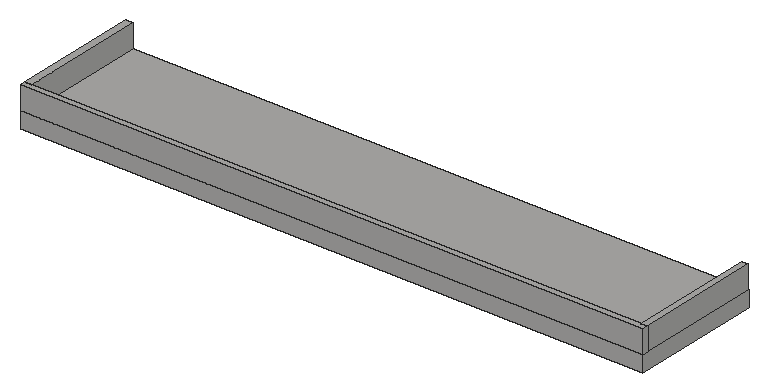
Revit family "Bancada_Lab_Seca_Lin", category Plumbing Fixtures, host Wall, Revit 2025
Family settings
  Host = Wall
  Round Connector Dimension = Use Diameter
  Part Type = Normal
  Enable Cutting in Views = No
  Always vertical = Yes
  Cut with Voids When Loaded = No
  Maintain Annotation Orientation = No
  Shared = No
  Room Calculation Point = Yes
Parameters (values of type "BAN_040x090_LIN_SEC_LAB")
  Material_Bancada [instance] = CT_Bancadas_Labs
  Description = "Descrição do tipo"
  Default Elevation = 0.000 m
  Coloca_Espelho_2 [instance] = yes
  Coloca_Espelho_1 [instance] = yes
  Bancada_Profundidade = 0.425 m
  Bancada_Frente [instance] = 2.000 m
  Bancada_Altura = 0.900 m
Types (4, lengths in m): name | Bancada_Profundidade
  BAN_040x090_LIN_SEC_LAB | 0.425
  BAN_050x090_LIN_SEC_LAB | 0.500
  BAN_060x090_LIN_SEC_LAB | 0.600
  BAN_080x090_LIN_SEC_LAB | 0.800
Reference planes (m)
  plane 1: y = 0
  plane 2 "Back": y = 0.05
  plane 3: z = 0.9
  plane 4: x = -1.082628
  plane 5: x = 0.917372
  plane 6: y = 0.475
  plane 7: z = 0.85
  plane 8: z = 0.975
  plane 9 "Centro_Bancada": x = -0.082628
Forms (m)
  Extrusion 1, solid, material "CT_Bancadas_Labs" <- "Material_Bancada"
    sketch origin (0, 0, 0) x (1, 0, 0) y (0, 1, 0)
      loop
        line (-1.082628, 0.475) -> (-1.082628, 0.05) -> (0.917372, 0.05) -> (0.917372, 0.475) -> (-1.082628, 0.475)
    from 0.85 to 0.9
  Extrusion 2, solid, material "CT_Bancadas_Labs" <- "Material_Bancada"
    sketch origin (0, 0, 0) x (1, 0, 0) y (0, 1, 0)
      loop
        line (-1.082628, 0.05) -> (0.917372, 0.05) -> (0.917372, 0.07) -> (-1.082628, 0.07) -> (-1.082628, 0.05)
    from 0.9 to 0.975
  Extrusion 3, solid, material "CT_Bancadas_Labs" <- "Material_Bancada", visible <- "Coloca_Espelho_2"
    sketch origin (-1.157628, 1.157628, 0) x (0, 1, 0) y (-1, 0, 0)
      loop
        line (-1.087628, -0.075) -> (-1.087628, -0.095) -> (-0.682628, -0.095) -> (-0.682628, -0.075) -> (-1.087628, -0.075)
    from 0.9 to 0.975
  Extrusion 4, solid, material "CT_Bancadas_Labs" <- "Material_Bancada", visible <- "Coloca_Espelho_1"
    sketch origin (0.992372, 1.157628, 0) x (0, 1, 0) y (-1, 0, 0)
      loop
        line (-1.087628, 0.075) -> (-0.682628, 0.075) -> (-0.682628, 0.095) -> (-1.087628, 0.095) -> (-1.087628, 0.075)
    from 0.9 to 0.975
Text (m)
  text "Frente" at (-1.787139, 0.59235, 0), in view "Ref. Level"
  text "Placement side" at (0, 1.827695, 2.917686), in view "Left"
  text "Placement side" at (0, 0.562268, 3.853606), in view "Right"
Dimensions and locks (m)
  locked: plane 2 "Back" to host wall
  "Bancada_Altura": level to plane 3
  "Bancada_Frente": plane 4 to plane 5
  plane 7 to plane 3 = 0.050 m
  "Bancada_Profundidade": plane 6 to plane 2 "Back"
  locked: plane 3 to plane 8 at 0.075
  equal spacing: plane 4, plane 9 "Centro_Bancada", plane 5
  aligned and locked: plane 1 to host wall
  aligned and locked: Extrusion 1 sketch curve to plane 6
  aligned and locked: plane 4 to Extrusion 1 sketch curve
  aligned and locked: Extrusion 1 sketch curve to plane 2 "Back"
  aligned and locked: Extrusion 1 sketch curve to plane 5
  aligned and locked: plane 3 to Extrusion 1
  aligned and locked: Extrusion 1 to plane 7
  aligned and locked: Extrusion 2 sketch curve to Extrusion 1
  aligned and locked: Extrusion 1 to Extrusion 2 sketch curve
  aligned and locked: plane 5 to Extrusion 2 sketch curve
  aligned and locked: Extrusion 2 to plane 3
  aligned and locked: plane 8 to Extrusion 2
  aligned and locked: Extrusion 3 to plane 4
  aligned and locked: plane 5 to Extrusion 4
  aligned and locked: Extrusion 4 to Extrusion 2
  aligned and locked: plane 6 to Extrusion 4
  aligned and locked: plane 8 to Extrusion 4
  aligned and locked: Extrusion 4 to plane 3
  aligned and locked: plane 8 to Extrusion 3
  aligned and locked: Extrusion 3 to plane 3
Automatic sketch dimensions
  host wall to Extrusion 2 sketch curve = 0.020 m
  Extrusion 3 sketch curve to plane 4 = 0.000 m
  Extrusion 3 sketch curve to plane 6 = 0.000 m
  Extrusion 3 sketch curve to host wall = 0.020 m
  Extrusion 3 sketch curve to Extrusion 3 sketch curve = 0.020 m
  Extrusion 4 sketch curve to plane 5 = 0.000 m
  Extrusion 4 sketch curve to plane 6 = 0.000 m
  host wall to Extrusion 4 sketch curve = 0.020 m
  Extrusion 4 sketch curve to Extrusion 4 sketch curve = 0.020 m
